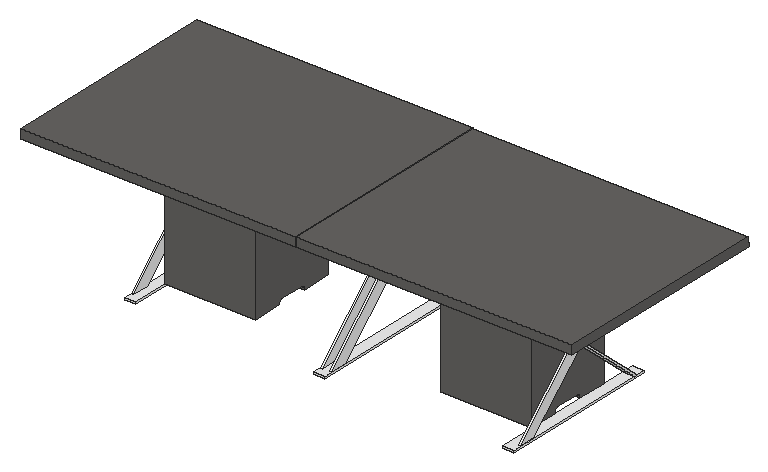
Revit family "Table-Conference-Teknion-ZXDT_X_Leg-R2011", category Furniture, Revit 2013
Parameters (values of type "(See Type Catalog)")
  Width = 120"
  Warranty = "http://www.teknionstudio.com/pdfs/Teknion%20Studio%20Warranty.pdf"
  Unit Weight = 0.00 lbf
  URL = "www.teknionstudio.com"
  Table Top Finish [instance] = Veneer - Teknion - P7 - Grey Oak
  Series = "B&B Italia"
  Product Page URL = "http://www.teknionstudio.com/acexecutive/"
  Product Line = "AC Executive"
  Product Documentation Link = "http://www.teknionstudio.com/pricing/ac_executive_ppg.pdf"
  Part Number = "ZXDT"
  Model = ""
  Manufacturer Phone = "919-464-2920"
  Manufacturer Fax = "919-464-2927"
  Manufacturer Email = "customersupport@teknionstudio.com"
  Manufacturer Address = "3941 US 70 Business HWY West, Clayton, NC 27520"
  Manufacturer = "Teknion Studio"  # constant formula
  Low Emitting Material = yes
  Low Emitting Finish = yes
  Height = 30"  # constant formula
  Frame Finish = Metal - Teknion - C6 - Chrome
  Description = ""
  Depth = 48"
  Assembly Code = "E2020200"
Reference planes (in)
  plane 1 "Center F/B": y = 0
  plane 2: z = 0
  plane 3 "Center L/R": x = 0
  plane 4 "Left": x = -60
  plane 5 "Right": x = 60
  plane 6 "Back": y = 24
  plane 7 "Front": y = -24
  plane 8 "Top": z = 30
  plane 9: z = 27.9528
  plane 10: y = 17.71654
  plane 11: y = -17.71654
  plane 12: x = -42.2755
  plane 13: x = 42.27548
  plane 14: x = -1.1811
  plane 15: x = 1.1811
  plane 16: x = -30
  plane 17: x = 30
Forms (in)
  Sweep 1, solid, material "Metal - Teknion - C6 - Chrome" <- "Frame Finish"
    path origin (0, 0, 30) x (-1, 0, 0) y (0, -1, 0)
      loop
        line (0, -17.71654) -> (0, 17.71654)
    profile origin (0, 0, 30) x (1, 0, 0) y (0, 0, 1)
      loop
        line (-42.2755, -2.0472) -> (-42.2755, -2.4409) -> (-39.9133, -2.4409) -> (-39.9133, -2.0472) -> (-42.2755, -2.0472)
      loop
        line (42.27548, -2.0472) -> (39.91328, -2.0472) -> (39.91328, -2.4409) -> (42.27548, -2.4409) -> (42.27548, -2.0472)
      loop
        line (42.27548, -29.6063) -> (39.91328, -29.6063) -> (39.91328, -30) -> (42.27548, -30) -> (42.27548, -29.6063)
      loop
        line (-42.2755, -29.6063) -> (-42.2755, -30) -> (-39.9133, -30) -> (-39.9133, -29.6063) -> (-42.2755, -29.6063)
      loop
        line (-1.1811, -2.0472) -> (-1.1811, -2.4409) -> (1.1811, -2.4409) -> (1.1811, -2.0472) -> (-1.1811, -2.0472)
      loop
        line (-1.1811, -29.6063) -> (-1.1811, -30) -> (1.1811, -30) -> (1.1811, -29.6063) -> (-1.1811, -29.6063)
  Sweep 2, solid, material "Metal - Teknion - C6 - Chrome" <- "Frame Finish"
    path origin (0, 0, 0) x (1, 0, 0) y (0, 0, 1)
      loop
        line (-42.2755, 0) -> (-41.8818, 0)
    profile origin (-42.07865, 0, 0) x (0, 0, 1) y (0, -1, 0)
      loop
        line (27.5591, -12.34961) -> (0.3937, 15.74803) -> (0.3937, 12.34957) -> (27.5591, -15.74808) -> (27.5591, -12.34961)
  Sweep 3, solid, material "Metal - Teknion - C6 - Chrome" <- "Frame Finish"
    path origin (79.6063, 0, 0) x (1, 0, 0) y (0, 0, 1)
      loop
        line (-37.72452, 0) -> (-37.33082, 0)
    profile origin (42.07863, 0, 0) x (0, 0, 1) y (0, -1, 0)
      loop
        line (27.5591, -15.74808) -> (27.5591, -12.34961) -> (0.3937, 15.74803) -> (0.3937, 12.34957) -> (27.5591, -15.74808)
  Sweep 4, solid, material "Metal - Teknion - C6 - Chrome" <- "Frame Finish"
    path origin (0, 0, 0) x (1, 0, 0) y (0, 0, 1)
      loop
        line (-39.9133, 0) -> (-42.2755, 0)
    profile origin (-41.0944, 0, 0) x (0, 0, -1) y (0, -1, 0)
      loop
        line (-27.55915, 15.74814) -> (-27.55915, 15.15186) -> (-0.39369, -15.74804) -> (-0.39369, -15.15176) -> (-27.55915, 15.74814)
  Sweep 5, solid, material "Metal - Teknion - C6 - Chrome" <- "Frame Finish"
    path origin (0, 0, 0) x (-1, 0, 0) y (0, 0, 1)
      loop
        line (-39.91328, 0) -> (-42.27548, 0)
    profile origin (41.09438, 0, 0) x (0, 0, 1) y (0, -1, 0)
      loop
        line (27.55915, 15.15186) -> (27.55915, 15.74814) -> (0.39369, -15.15176) -> (0.39369, -15.74804) -> (27.55915, 15.15186)
  Sweep 6, solid, material "Metal - Teknion - C6 - Chrome" <- "Frame Finish"
    path origin (0, 0, 30) x (-1, 0, 0) y (0, -1, 0)
      loop
        line (42.2755, 0) -> (-42.27548, 0)
    profile origin (-0.00001, 0, 30) x (0, 1, 0) y (0, 0, 1)
      loop
        line (11.60094, -5.90283) -> (9.88694, -7.55995) -> (10.17452, -7.82954) -> (11.87278, -6.18762) -> (11.60094, -5.90283)
      loop
        line (-11.67496, -5.49755) -> (-11.9349, -5.79323) -> (-10.16085, -7.35288) -> (-9.9009, -7.0572) -> (-11.67496, -5.49755)
  Sweep 7, solid, material "Veneer - Teknion - P7 - Grey Oak" <- "Table Top Finish"
    path origin (0, 0, 30) x (-1, 0, 0) y (0, -1, 0)
      loop
        line (-20.11236, 0) -> (-39.88764, 0)
    profile origin (30, 0, 30) x (0, 1, 0) y (0, 0, 1)
      loop
        line (-9.862, -2.0472) -> (-9.862, -29.49924) -> (-3.431, -29.49924) -> (-3.431, -28.99924)
        arc (-3.431, -28.99924) -> (-3.28455, -28.64569) -> (-2.931, -28.49924) r 0.5
        line (-2.931, -28.49924) -> (2.931, -28.49924)
        arc (2.931, -28.49924) -> (3.28455, -28.64569) -> (3.431, -28.99924) r 0.5
        line (3.431, -28.99924) -> (3.431, -29.49924) -> (9.862, -29.49924) -> (9.862, -2.0472) -> (6.862, -2.0472) -> (6.862, -3.54724)
        arc (6.862, -3.54724) -> (6.71555, -3.9008) -> (6.362, -4.04724) r 0.5
        line (6.362, -4.04724) -> (-6.362, -4.04724)
        arc (-6.362, -4.04724) -> (-6.71555, -3.9008) -> (-6.862, -3.54724) r 0.5
        line (-6.862, -3.54724) -> (-6.862, -2.0472) -> (-9.862, -2.0472)
      loop
        arc (-2.931, -8.60376) -> (-3.28455, -8.7502) -> (-3.431, -9.10376) r 0.5
        line (-3.431, -9.10376) -> (-3.431, -10.10376)
        arc (-3.431, -10.10376) -> (-3.28455, -10.45731) -> (-2.931, -10.60376) r 0.5
        line (-2.931, -10.60376) -> (2.931, -10.60376)
        arc (2.931, -10.60376) -> (3.28455, -10.45731) -> (3.431, -10.10376) r 0.5
        line (3.431, -10.10376) -> (3.431, -9.10376)
        arc (3.431, -9.10376) -> (3.28455, -8.7502) -> (2.931, -8.60376) r 0.5
        line (2.931, -8.60376) -> (-2.931, -8.60376)
  Sweep 8, solid, material "Metal - Teknion - C6 - Chrome"
    path origin (0, 0, 0) x (1, 0, 0) y (0, 0, 1)
      loop
        line (0, 0) -> (0, 0.50076)
    profile origin (0, 0, 0.25038) x (-1, 0, 0) y (0, -1, 0)
      loop
        circle (-23.138, -6.862) r 1
      loop
        circle (-36.862, -6.862) r 1
      loop
        circle (-36.862, 6.862) r 1
      loop
        circle (-23.138, 6.862) r 1
      loop
        circle (23.138, 6.862) r 1
      loop
        circle (36.862, 6.862) r 1
      loop
        circle (36.862, -6.862) r 1
      loop
        circle (23.138, -6.862) r 1
  Sweep 9, solid, material "Metal - Teknion - C6 - Chrome" <- "Frame Finish"
    path origin (0, 0, 30) x (-1, 0, 0) y (0, -1, 0)
      loop
        line (-1.1811, 0) -> (-0.7874, 0)
    profile origin (0.98425, 0, 30) x (0, -1, 0) y (0, 0, 1)
      loop
        line (-15.74808, -2.4409) -> (12.34957, -29.6063) -> (15.74803, -29.6063) -> (-12.34961, -2.4409) -> (-15.74808, -2.4409)
  Sweep 10, solid, material "Metal - Teknion - C6 - Chrome" <- "Frame Finish"
    path origin (0, 0, 30) x (-1, 0, 0) y (0, -1, 0)
      loop
        line (1.1811, 0) -> (0.7874, 0)
    profile origin (-0.98425, 0, 30) x (0, 1, 0) y (0, 0, 1)
      loop
        line (12.34961, -2.4409) -> (-15.74803, -29.6063) -> (-12.34957, -29.6063) -> (15.74808, -2.4409) -> (12.34961, -2.4409)
  Sweep 11, solid, material "Metal - Teknion - C6 - Chrome" <- "Frame Finish"
    path origin (0, 0, 30) x (-1, 0, 0) y (0, -1, 0)
      loop
        line (1.1811, 0) -> (-1.1811, 0)
    profile origin (0, 0, 30) x (0, 1, 0) y (0, 0, 1)
      loop
        line (15.74803, -29.6063) -> (-15.15181, -2.4409) -> (-15.74808, -2.4409) -> (15.15175, -29.6063) -> (15.74803, -29.6063)
  Sweep 12, solid, material "Veneer - Teknion - P7 - Grey Oak" <- "Table Top Finish"
    path origin (0, 0, 30) x (-1, 0, 0) y (0, -1, 0)
      loop
        line (20.11235, 0) -> (39.88765, 0)
    profile origin (-30, 0, 30) x (0, -1, 0) y (0, 0, 1)
      loop
        arc (-6.362, -4.04724) -> (-6.71555, -3.9008) -> (-6.862, -3.54724) r 0.5
        line (-6.862, -3.54724) -> (-6.862, -2.0472) -> (-9.862, -2.0472) -> (-9.862, -29.49924) -> (-3.431, -29.49924) -> (-3.431, -28.99924)
        arc (-3.431, -28.99924) -> (-3.28455, -28.64569) -> (-2.931, -28.49924) r 0.5
        line (-2.931, -28.49924) -> (2.931, -28.49924)
        arc (2.931, -28.49924) -> (3.28455, -28.64569) -> (3.431, -28.99924) r 0.5
        line (3.431, -28.99924) -> (3.431, -29.49924) -> (9.862, -29.49924) -> (9.862, -2.0472) -> (6.862, -2.0472) -> (6.862, -3.54724)
        arc (6.862, -3.54724) -> (6.71555, -3.9008) -> (6.362, -4.04724) r 0.5
        line (6.362, -4.04724) -> (-6.362, -4.04724)
      loop
        line (2.931, -8.60376) -> (-2.931, -8.60376)
        arc (-2.931, -8.60376) -> (-3.28455, -8.7502) -> (-3.431, -9.10376) r 0.5
        line (-3.431, -9.10376) -> (-3.431, -10.10376)
        arc (-3.431, -10.10376) -> (-3.28455, -10.45731) -> (-2.931, -10.60376) r 0.5
        line (-2.931, -10.60376) -> (2.931, -10.60376)
        arc (2.931, -10.60376) -> (3.28455, -10.45731) -> (3.431, -10.10376) r 0.5
        line (3.431, -10.10376) -> (3.431, -9.10376)
        arc (3.431, -9.10376) -> (3.28455, -8.7502) -> (2.931, -8.60376) r 0.5
  Sweep 13, solid, material "Veneer - Teknion - P7 - Grey Oak" <- "Table Top Finish"
    path origin (0, 0, 30) x (-1, 0, 0) y (0, -1, 0)
      loop
        line (0, 24) -> (0, -24)
    profile origin (0, 0, 30) x (-1, 0, 0) y (0, 0, 1)
      loop
        line (60, 0) -> (0.03125, 0) -> (0.03125, -2.0472) -> (60, -2.0472) -> (60, 0)
      loop
        line (-0.03125, -2.0472) -> (-0.03125, 0) -> (-60, 0) -> (-60, -2.0472) -> (-0.03125, -2.0472)
Cuts and joins
  joined: Sweep 2, Sweep 3, Sweep 4, Sweep 5, Sweep 6, Sweep 9, Sweep 10, Sweep 11
Lines and regions (in)
  Masking region 1
    outline origin (0, 0, 30) x (-1, 0, 0) y (0, -1, 0)
      loop
        line (60, -24) -> (60, 24) -> (-60, 24) -> (-60, -24) -> (60, -24)
  symbolic lines, style "FurnitureHiddenLines", detail levels medium+fine
    curve 1: line (-42.2755, 17.71654, 30) -> (-39.9133, 17.71654, 30)
    curve 2: line (-39.9133, 17.71654, 30) -> (-39.9133, -17.71654, 30)
    curve 3: line (-39.9133, -17.71654, 30) -> (-42.2755, -17.71654, 30)
    curve 4: line (42.27548, 17.71654, 30) -> (39.91328, 17.71654, 30)
    curve 5: line (39.91328, 17.71654, 30) -> (39.91328, -17.71654, 30)
    curve 6: line (39.91328, -17.71654, 30) -> (42.27548, -17.71654, 30)
    curve 7: line (-42.2755, 17.71654, 30) -> (-42.2755, -17.71654, 30)
    curve 8: line (42.27548, 17.71654, 30) -> (42.27548, -17.71654, 30)
    curve 13: line (-1.1811, 17.71654, 30) -> (1.1811, 17.71654, 30)
    curve 14: line (1.1811, 17.71654, 30) -> (1.1811, -17.71654, 30)
    curve 15: line (1.1811, -17.71654, 30) -> (-1.1811, -17.71654, 30)
    curve 16: line (-1.1811, 17.71654, 30) -> (-1.1811, -17.71654, 30)
  symbolic lines, style "FurnitureHiddenLines", detail levels fine
    curve 9: line (20.11236, 9.88694, 30) -> (39.88764, 9.88694, 30)
    curve 10: line (20.11236, -9.9009, 30) -> (20.11236, 9.88694, 30)
    curve 11: line (39.88764, -9.9009, 30) -> (20.11236, -9.9009, 30)
    curve 17: line (39.88764, -9.9009, 30) -> (39.88764, 9.88694, 30)
    curve 18: line (-39.88764, 9.89625, 30) -> (-20.11236, 9.89625, 30)
    curve 19: line (-39.88764, -9.89625, 30) -> (-39.88764, 9.89625, 30)
    curve 20: line (-20.11236, -9.89625, 30) -> (-39.88764, -9.89625, 30)
    curve 21: line (-20.11236, -9.89625, 30) -> (-20.11236, 9.89625, 30)
  symbolic lines, style "Tabletop"
    curve 12: line (0, -24, 30) -> (0, 24, 30)
Dimensions and locks (in)
  "Height": plane 8 "Top" to plane 2
  equal spacing: plane 4 "Left", plane 3 "Center L/R", plane 5 "Right"
  "Width": plane 4 "Left" to plane 5 "Right"
  equal spacing: plane 6 "Back", plane 1 "Center F/B", plane 7 "Front"
  "Depth": plane 6 "Back" to plane 7 "Front"
  locked: plane 8 "Top" to plane 9 at 2.0472
  locked: plane 9 to Sweep 1 sketch curve at 0.3937  (x3)
  locked: Sweep 1 sketch curve to plane 13 at 2.3622  (x2)
  locked: Sweep 1 sketch curve to plane 2 at 0.3937  (x3)
  locked: plane 1 "Center F/B" to plane 10 at 17.71654
  equal spacing: plane 10, plane 1 "Center F/B", plane 11
  locked: Sweep 2 sketch curve to plane 12 at 0.3937
  locked: plane 9 to Sweep 2 sketch curve at 0.3937
  locked: Sweep 2 sketch curve to plane 2 at 0.3937
  Sweep 2 sketch curve to plane 1 "Center F/B" to Sweep 2 sketch curve = 15.74808" locked, 15.74803" locked
  locked: plane 13 to Sweep 3 sketch curve at 0.3937
  locked: plane 9 to Sweep 3 sketch curve at 0.3937
  locked: Sweep 3 sketch curve to plane 2 at 0.3937
  Sweep 3 sketch curve to plane 1 "Center F/B" to Sweep 3 sketch curve = 15.74808" locked, 15.74803" locked
  locked: Sweep 4 sketch curve to plane 12 at 2.3622
  locked: plane 9 to Sweep 4 sketch curve at 0.39365
  locked: Sweep 4 sketch curve to plane 2 at 0.39369
  Sweep 4 sketch curve to plane 1 "Center F/B" to Sweep 4 sketch curve = 15.74804" locked, 15.74814" locked
  locked: plane 13 to Sweep 5 sketch curve at 2.3622
  locked: plane 9 to Sweep 5 sketch curve at 0.39365
  locked: Sweep 5 sketch curve to plane 2 at 0.39369
  Sweep 5 sketch curve to plane 1 "Center F/B" to Sweep 5 sketch curve = 15.74804" locked, 15.74814" locked
  plane 8 "Top" to Sweep 6 sketch curve to Sweep 6 sketch curve = 5.90283" locked, 1.92671" locked
  locked: plane 12 to curve 2 at 2.3622
  locked: curve 5 to plane 13 at 2.3622
  locked: plane 13 to plane 5 "Right" at 17.72452
  locked: plane 4 "Left" to plane 12 at 17.7245
  locked: Sweep 1 sketch curve to plane 12 at 2.3622  (x2)
  locked: Sweep 5 sketch curve to Sweep 5 sketch curve at 0.3937
  locked: Sweep 3 sketch curve to Sweep 3 sketch curve at 2.3622
  locked: Sweep 2 sketch curve to Sweep 2 sketch curve at 2.3622
  Sweep 6 sketch curve to Sweep 6 sketch curve to plane 10 = 1.98584" locked, 5 27/32" locked
  locked: Sweep 6 sketch curve to Sweep 6 sketch curve at 0.3937  (x2)
  plane 11 to Sweep 6 sketch curve to Sweep 6 sketch curve = 6.04158" locked, 1.77406" locked
  plane 8 "Top" to Sweep 6 sketch curve to Sweep 6 sketch curve = 5.79323" locked, 1.55965" locked
  plane 9 to Sweep 7 sketch curve to Sweep 7 sketch curve to Sweep 7 sketch curve to Sweep 7 sketch curve to Sweep 7 sketch curve = 2.00004" locked, 4.55651" locked, 2" locked, 17.89549" locked, 1" locked
  Sweep 7 sketch curve to plane 1 "Center F/B" to Sweep 7 sketch curve = 9.862" locked, 9.862" locked
  Sweep 7 sketch curve to plane 1 "Center F/B" to Sweep 7 sketch curve = 3.431" locked, 3.431" locked  (x2)
  Sweep 7 sketch curve to plane 1 "Center F/B" to Sweep 7 sketch curve = 6.862" locked, 6.862" locked
  locked: Sweep 8 sketch curve to plane 2 at 0.50076
  curve 11 to plane 1 "Center F/B" to curve 9 = 9.9009" locked, 9.88694" locked
  Sweep 1 sketch curve to plane 3 "Center L/R" to Sweep 1 sketch curve = 1.1811" locked, 1.1811" locked  (x2)
  plane 14 to plane 3 "Center L/R" to plane 15 = 1.1811" locked, 1.1811" locked
  locked: Sweep 9 sketch curve to plane 15 at 0.3937
  locked: plane 9 to Sweep 9 sketch curve at 0.3937
  locked: Sweep 9 sketch curve to plane 2 at 0.3937
  Sweep 9 sketch curve to Sweep 9 sketch curve to plane 1 "Center F/B" = 3.39847" locked, 12.34957" locked
  plane 1 "Center F/B" to Sweep 9 sketch curve to Sweep 9 sketch curve = 12.34961" locked, 3.39847" locked
  locked: Sweep 9 sketch curve to Sweep 9 sketch curve at 2.3622
  locked: plane 14 to Sweep 10 sketch curve at 0.3937
  locked: plane 9 to Sweep 10 sketch curve at 0.3937
  locked: Sweep 10 sketch curve to plane 2 at 0.3937
  locked: Sweep 10 sketch curve to Sweep 10 sketch curve at 2.3622
  Sweep 10 sketch curve to Sweep 10 sketch curve to plane 1 "Center F/B" = 3.39847" locked, 12.34957" locked
  plane 1 "Center F/B" to Sweep 10 sketch curve to Sweep 10 sketch curve = 12.34961" locked, 3.39847" locked
  locked: plane 9 to Sweep 11 sketch curve at 0.3937
  locked: Sweep 11 sketch curve to plane 2 at 0.3937
  Sweep 11 sketch curve to Sweep 11 sketch curve to plane 1 "Center F/B" = 0.59628" locked, 15.15181" locked
  plane 1 "Center F/B" to Sweep 11 sketch curve to Sweep 11 sketch curve = 15.15175" locked, 0.59628" locked
  locked: Sweep 11 sketch curve to Sweep 11 sketch curve at 0.3937
  locked: Sweep 12 sketch curve to plane 2 at 0.50076  (x2)
  locked: Sweep 12 sketch curve to plane 2 at 1.50076
  Sweep 12 sketch curve to plane 1 "Center F/B" to Sweep 12 sketch curve = 3.431" locked, 3.431" locked  (x2)
  Sweep 7 to plane 1 "Center F/B" to Sweep 7 = 9.862" locked, 9.862" locked
  plane 9 to Sweep 12 sketch curve to Sweep 12 sketch curve = 6.55656" locked, 2" locked
  Sweep 12 sketch curve to plane 1 "Center F/B" to Sweep 12 sketch curve = 6.862" locked, 6.862" locked
  locked: plane 9 to Sweep 12 sketch curve at 2.00004
  Sweep 8 sketch curve to plane 1 "Center F/B" to Sweep 8 sketch curve = 6.862" locked, 6.862" locked  (x4)
  locked: Sweep 8 sketch curve to Sweep 8 sketch curve at 13.724  (x4)
  locked: plane 3 "Center L/R" to Sweep 13 sketch curve at 0.03125
  locked: Sweep 13 sketch curve to plane 3 "Center L/R" at 0.03125
  equal spacing: plane 4 "Left", plane 16, plane 3 "Center L/R"
  equal spacing: plane 3 "Center L/R", plane 17, plane 5 "Right"
  locked: Sweep 12 sketch curve to Sweep 12 sketch curve at 19.7753
  equal spacing: Sweep 12 sketch curve, plane 16, Sweep 12 sketch curve
  locked: Sweep 7 sketch curve to Sweep 7 sketch curve at 19.77528
  equal spacing: Sweep 7 sketch curve, plane 17, Sweep 7 sketch curve
  equal spacing: Sweep 8 sketch curve, plane 16, Sweep 8 sketch curve  (x2)
  equal spacing: Sweep 8 sketch curve, plane 17, Sweep 8 sketch curve  (x2)
  equal spacing: curve 10, plane 17, curve 17, locked at 9.88764 each
  locked: curve 10 to curve 17 at 19.77528
  curve 20 to plane 1 "Center F/B" to curve 18 = 9.89625" locked, 9.89625" locked
  equal spacing: curve 19, plane 16, curve 21, locked at 9.88764 each
  locked: curve 19 to curve 21 at 19.77528
  aligned and locked: level to plane 2
  aligned and locked: Sweep 1 sketch curve to plane 3 "Center L/R"
  aligned and locked: plane 10 to Sweep 1 sketch curve
  aligned and locked: plane 11 to Sweep 1 sketch curve
  aligned and locked: Sweep 1 sketch curve to plane 9  (x2)
  aligned and locked: plane 2 to Sweep 1 sketch curve  (x3)
  aligned and locked: plane 9 to Sweep 1 sketch curve
  aligned and locked: Sweep 2 sketch curve to plane 2
  aligned and locked: plane 2 to Sweep 3 sketch curve
  aligned and locked: plane 2 to Sweep 4 sketch curve
  aligned and locked: plane 2 to Sweep 5 sketch curve
  aligned and locked: plane 1 "Center F/B" to Sweep 6 sketch curve
  aligned and locked: Masking region 1 sketch curve to plane 6 "Back"
  aligned and locked: Masking region 1 sketch curve to plane 7 "Front"
  aligned and locked: Masking region 1 sketch curve to plane 5 "Right"
  aligned and locked: Masking region 1 sketch curve to plane 4 "Left"
  aligned and locked: plane 11 to curve 3
  aligned and locked: curve 1 to plane 10
  aligned and locked: curve 6 to plane 11
  aligned and locked: plane 12 to Sweep 1 sketch curve  (x2)
  aligned and locked: plane 13 to Sweep 1 sketch curve  (x2)
  aligned and locked: plane 13 to Sweep 3 sketch curve
  aligned and locked: plane 12 to Sweep 2 sketch curve
  aligned and locked: plane 12 to Sweep 4 sketch curve
  aligned and locked: plane 13 to Sweep 5 sketch curve
  aligned and locked: plane 13 to Sweep 6 sketch curve
  aligned and locked: plane 12 to Sweep 6 sketch curve
  aligned and locked: plane 1 "Center F/B" to Sweep 7 sketch curve
  aligned and locked: Sweep 7 sketch curve to plane 9  (x2)
  aligned and locked: plane 2 to Sweep 8 sketch curve
  aligned and locked: plane 3 "Center L/R" to Sweep 8 sketch curve
  aligned and locked: curve 7 to plane 12
  aligned and locked: plane 11 to curve 7
  aligned and locked: curve 8 to plane 13
  aligned and locked: plane 11 to curve 8
  aligned and locked: plane 15 to Sweep 9 sketch curve
  aligned and locked: Sweep 9 sketch curve to plane 1 "Center F/B"
  aligned and locked: plane 14 to Sweep 10 sketch curve
  aligned and locked: plane 1 "Center F/B" to Sweep 10 sketch curve
  aligned and locked: plane 14 to Sweep 11 sketch curve
  aligned and locked: plane 15 to Sweep 11 sketch curve
  aligned and locked: plane 1 "Center F/B" to Sweep 11 sketch curve
  aligned and locked: Sweep 12 sketch curve to plane 1 "Center F/B"
  aligned and locked: plane 9 to Sweep 12 sketch curve  (x2)
  aligned and locked: plane 10 to curve 4
  aligned and locked: plane 6 "Back" to curve 12
  aligned and locked: plane 7 "Front" to curve 12
  aligned and locked: curve 13 to plane 10
  aligned and locked: plane 11 to curve 15
  aligned and locked: plane 15 to curve 14
  aligned and locked: curve 16 to plane 14
  aligned and locked: plane 6 "Back" to Sweep 13 sketch curve
  aligned and locked: plane 7 "Front" to Sweep 13 sketch curve
  aligned and locked: Sweep 13 sketch curve to plane 3 "Center L/R"
  aligned and locked: plane 8 "Top" to Sweep 13 sketch curve
  aligned and locked: plane 5 "Right" to Sweep 13 sketch curve
  aligned and locked: Sweep 13 sketch curve to plane 9
  aligned and locked: plane 4 "Left" to Sweep 13 sketch curve
  aligned and locked: plane 9 to Sweep 13 sketch curve
  aligned and locked: Sweep 13 sketch curve to plane 8 "Top"
Automatic sketch dimensions
  Sweep 6 sketch curve to Sweep 6 sketch curve = 0.28757"
  Sweep 6 sketch curve to Sweep 6 sketch curve = 0.26959"
  Sweep 3 sketch curve to plane 13 = 0"
  Sweep 2 sketch curve to plane 12 = 0"
  Sweep 4 sketch curve to plane 12 = 0"
  Sweep 5 sketch curve to plane 13 = 0"
  curve 12 to plane 3 "Center L/R" = 0"
  Sweep 4 sketch curve to Sweep 4 sketch curve = 0.59628"  (x2)
  Sweep 7 sketch curve to Sweep 7 sketch curve = 1/2"  (x9)
  Sweep 12 sketch curve to Sweep 12 sketch curve = 6.431"
  Sweep 12 sketch curve to Sweep 12 sketch curve = 1/2"  (x8)
  Sweep 12 sketch curve to Sweep 12 sketch curve = 3"
  radius of Sweep 8 sketch curve = 1"  (x8)
